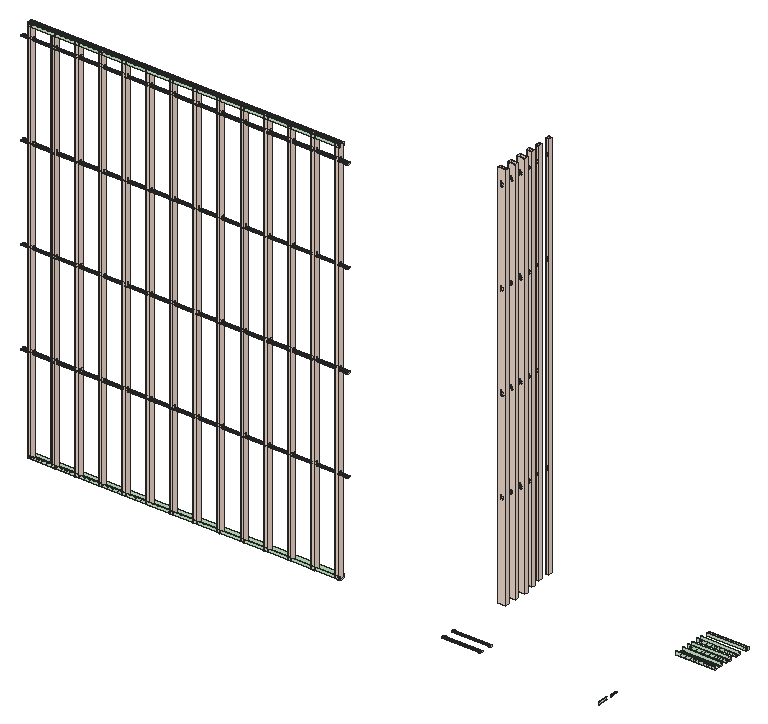
Revit family "SQ-PowerBar.", category 一般モデル, Revit 2022
Family settings
  鉄筋をホスト可能 = いいえ
  丸型コネクタ寸法 = 直径を使用
  パーツ タイプ = 標準
  作業面ベース = いいえ
  常に垂直 = はい
  ロード時にボイドで切り取り = いいえ
  注釈の向きを維持 = いいえ
  共有 = いいえ
  部屋計算ポイント = いいえ
Parameters
  製造元 = "株式会社桐井製作所"
  既定の高さ = 0 mm
  URL = "https://www.kirii.co.jp/"
  K_名称 = "SQ-PowerBar工法"
  K_バージョン情報 = "20250901"
Reference planes
  plane 1 "中心(正面/背面)": y = 0
  plane 2: z = 0
  plane 3 "中心(左/右)": x = 0
Lines and regions (mm)
  model lines
    curve 1: line (2053.885, 1766.972, 3.706) -> (3803.885, 1766.972, 3.706)
    curve 2: line (2053.885, 1766.972, 0) -> (2053.885, 442.323, 0)
    curve 3: line (3803.885, 1766.972, 0) -> (3803.885, 442.323, 0)
    curve 4: line (4103.885, 1766.972, 0) -> (4103.885, 442.323, 0)
    curve 5: line (4103.885, 442.323, 3.706) -> (5853.885, 442.323, 3.706)
    curve 6: line (5853.885, 1766.972, 0) -> (5853.885, 406.972, 0)
    curve 7: line (4103.885, 1766.972, 3.706) -> (5853.885, 1766.972, 3.706)
    curve 8: line (2053.885, 442.323, 3.706) -> (3803.885, 442.323, 3.706)
    curve 9: line (2053.885, 242.323, 3.706) -> (3803.885, 242.323, 3.706)
    curve 10: line (2053.885, 242.323, 0) -> (2053.885, -1037.677, 0)
    curve 11: line (2053.885, -1037.677, 3.706) -> (3803.885, -1037.677, 3.706)
    curve 12: line (3803.885, 242.323, 0) -> (3803.885, -1037.677, 0)
    curve 13: line (4103.885, 242.323, 3.706) -> (5853.885, 242.323, 3.706)
    curve 14: line (4103.885, 242.323, 0) -> (4103.885, -1037.677, 0)
    curve 15: line (4103.885, -1037.677, 3.706) -> (5853.885, -1037.677, 3.706)
    curve 16: line (5853.885, 242.323, 0) -> (5853.885, -1037.677, 0)
Text (mm)
  text "JIS19型" at (-1841.604, 2062.91, 5447.439), in view "ビュー 1"
  text "スタッド" at (2194.065, 1638.272, -53.41), in view "{3D}"
  text "・SQ-PowerBar4045" at (2294.392, 1425.581, -53.41), in view "{3D}"
  text "・SQ-PowerBar4565" at (2294.392, 1113.599, -53.41), in view "{3D}"
  text "・SQ-PowerBar45100(t0.45)" at (2294.392, 963.599, -53.41), in view "{3D}"
  text "・SQ-PowerBar45100(t1.0)" at (2294.392, 815.581, -53.41), in view "{3D}"
  text "・SQ-PowerBar45100(t1.2)" at (2294.392, 663.599, -53.41), in view "{3D}"
  text "ランナー" at (4244.065, 1638.272, -53.41), in view "{3D}"
  text "SQ-PowerBar工法" at (-2610.049, 1856.504, -53.41), in view "{3D}"
  text "・45ランナー" at (4344.392, 1433.41, -53.41), in view "{3D}"
  text "・50ランナー" at (4344.392, 1281.428, -53.41), in view "{3D}"
  text "・65ランナー" at (4344.392, 1131.428, -53.41), in view "{3D}"
  text "・100ランナー" at (4344.392, 981.428, -53.41), in view "{3D}"
  text "振れ止め" at (2194.065, 113.623, -53.41), in view "{3D}"
  text "・SQチャンネル(C-19)" at (2294.392, -99.068, -53.41), in view "{3D}"
  text "・SQチャンネル(C-38)" at (2294.392, -251.05, -53.41), in view "{3D}"
  text "その他SQ関連部材" at (4244.065, 113.623, -53.41), in view "{3D}"
  text "・SQ-C19ジョイント" at (4344.392, -99.068, -53.41), in view "{3D}"
  text "・SQ-C38ジョイント" at (4344.392, -249.068, -53.41), in view "{3D}"
  text "振れ止めの設置により壁下地材の一体性を向上させた角型鋼製下地工法です。" at (-2610.049, 1706.504, -53.41), in view "{3D}"
  text "・SQ-PowerBar4050" at (2294.392, 1265.581, -53.41), in view "{3D}"
Dimensions and locks
  aligned and locked: level to plane 2
Nested families
  nested 1: "runner_wr65" at (-2546.115, 0, 0), type "runner_wr65"
    with K_長さ(mm) 4000 mm, K_JIS外 no, K_JIS yes
  nested 2: "SQ-PowerBar4050" at (2998.822, 1223.972, 0), type "SQ-PowerBar4050"
    with 振れ止め本数 4, K_長さ(mm) 5000 mm
  nested 3: "SQ-PowerBar4565" at (3012.041, 1076.599, 0), type "SQ-PowerBar4565"
    with 振れ止め本数 4, K_長さ(mm) 5000 mm
  nested 4: "SQ-PowerBar45100(t0.45) " at (3029.01, 924.153, 0), type "SQ-PowerBar45100(t0.45) "
    with 振れ止め本数 4, K_長さ(mm) 5000 mm
  nested 5: "SQ-PowerBar45100(t1.0)" at (3029.01, 774.46, 0), type "SQ-PowerBar45100(t1.0)"
    with 振れ止め本数 4, K_長さ(mm) 5000 mm
  nested 6: "SQ-PowerBar45100(t1.2)" at (3029.01, 624.285, 0), type "SQ-PowerBar45100(t1.2)"
    with 振れ止め本数 4, K_長さ(mm) 5000 mm
  nested 7: "runner_wr50" at (5032.945, 1250.166, 0), type "runner_wr50"
    with K_長さ(mm) 500 mm, K_JIS外 no, K_JIS yes
  nested 8: "runner_wr65" at (5032.945, 1100.166, 0), type "runner_wr65"
    with K_長さ(mm) 500 mm, K_JIS外 no, K_JIS yes
  nested 9: "runner_wr100" at (5032.945, 936.666, 0), type "runner_wr100"
    with K_長さ(mm) 500 mm, K_JIS外 no, K_JIS yes
  nested 10: "sqrunner_45" at (5032.945, 1394.801, 0), type "sqrunner_45"
    with K_長さ(mm) 500 mm
  nested 11: "SQ-C19ジョイント" at (5053.885, -137.677, 0), type "SQ-C19ジョイント"
  nested 12: "SQチャンネル（C-19）" at (3488.885, -142.677, 0) x (0, 1, 0) z (0, 0, 1), type "SQチャンネル（C-19）"
    with K_長さ(mm) 500 mm
  nested 13: "SQチャンネル（C-38）" at (3488.885, -293.927, 0) x (0, 1, 0) z (0, 0, 1), type "SQチャンネル（C-38）"
    with K_長さ(mm) 500 mm
  nested 14: "SQ-C38ジョイント" at (5053.885, -312.677, 0), type "SQ-C38ジョイント"
  nested 15: "runner_wr65" at (-2546.115, -0.01, 5001.425) x (1, 0, 0) z (0, 0, -1), type "runner_wr65"
    with K_長さ(mm) 4000 mm, K_JIS外 no, K_JIS yes
  nested 16: "SQ-PowerBar4565" at (-2523.615, -0.113, 0) x (0, -1, 0) z (0, 0, 1), type "SQ-PowerBar4565"
    with 振れ止め本数 4, K_長さ(mm) 5000 mm
  nested 17: "SQ-PowerBar4565" at (-2220.615, -0.113, 0) x (0, -1, 0) z (0, 0, 1), type "SQ-PowerBar4565"
    with 振れ止め本数 4, K_長さ(mm) 5000 mm
  nested 18: "SQ-PowerBar4565" at (-1917.615, -0.113, 0) x (0, -1, 0) z (0, 0, 1), type "SQ-PowerBar4565"
    with 振れ止め本数 4, K_長さ(mm) 5000 mm
  nested 19: "SQ-PowerBar4565" at (-1614.615, -0.113, 0) x (0, -1, 0) z (0, 0, 1), type "SQ-PowerBar4565"
    with 振れ止め本数 4, K_長さ(mm) 5000 mm
  nested 20: "SQ-PowerBar4565" at (-1311.615, -0.113, 0) x (0, -1, 0) z (0, 0, 1), type "SQ-PowerBar4565"
    with 振れ止め本数 4, K_長さ(mm) 5000 mm
  nested 21: "SQ-PowerBar4565" at (-1008.615, -0.113, 0) x (0, -1, 0) z (0, 0, 1), type "SQ-PowerBar4565"
    with 振れ止め本数 4, K_長さ(mm) 5000 mm
  nested 22: "SQ-PowerBar4565" at (-705.615, -0.113, 0) x (0, -1, 0) z (0, 0, 1), type "SQ-PowerBar4565"
    with 振れ止め本数 4, K_長さ(mm) 5000 mm
  nested 23: "SQ-PowerBar4565" at (-402.615, -0.113, 0) x (0, -1, 0) z (0, 0, 1), type "SQ-PowerBar4565"
    with 振れ止め本数 4, K_長さ(mm) 5000 mm
  nested 24: "SQ-PowerBar4565" at (-99.615, -0.113, 0) x (0, -1, 0) z (0, 0, 1), type "SQ-PowerBar4565"
    with 振れ止め本数 4, K_長さ(mm) 5000 mm
  nested 25: "SQ-PowerBar4565" at (203.385, -0.113, 0) x (0, -1, 0) z (0, 0, 1), type "SQ-PowerBar4565"
    with 振れ止め本数 4, K_長さ(mm) 5000 mm
  nested 26: "SQ-PowerBar4565" at (506.385, -0.113, 0) x (0, -1, 0) z (0, 0, 1), type "SQ-PowerBar4565"
    with 振れ止め本数 4, K_長さ(mm) 5000 mm
  nested 27: "SQ-PowerBar4565" at (809.385, -0.113, 0) x (0, -1, 0) z (0, 0, 1), type "SQ-PowerBar4565"
    with 振れ止め本数 4, K_長さ(mm) 5000 mm
  nested 28: "SQ-PowerBar4565" at (1112.385, -0.113, 0) x (0, -1, 0) z (0, 0, 1), type "SQ-PowerBar4565"
    with 振れ止め本数 4, K_長さ(mm) 5000 mm
  nested 29: "SQ-PowerBar4565" at (1415.385, -0.113, 0) x (0, -1, 0) z (0, 0, 1), type "SQ-PowerBar4565"
    with 振れ止め本数 4, K_長さ(mm) 5000 mm
  nested 30: "SQチャンネル（C-38）" at (1548.902, -0.109, 1212) x (0, -1, 0) z (0, 0, -1), type "SQチャンネル（C-38）"
    with K_長さ(mm) 4200 mm
  nested 31: "SQチャンネル（C-38）" at (1548.902, -0.109, 2412) x (0, -1, 0) z (0, 0, -1), type "SQチャンネル（C-38）"
    with K_長さ(mm) 4200 mm
  nested 32: "SQチャンネル（C-38）" at (1548.902, -0.109, 3612) x (0, -1, 0) z (0, 0, -1), type "SQチャンネル（C-38）"
    with K_長さ(mm) 4200 mm
  nested 33: "SQチャンネル（C-38）" at (1548.902, -0.109, 4812) x (0, -1, 0) z (0, 0, -1), type "SQチャンネル（C-38）"
    with K_長さ(mm) 4200 mm
  nested 34: "SQ-PowerBar4045" at (2998.822, 1388.962, 0), type "SQ-PowerBar4045"
    with 振れ止め本数 4, K_長さ(mm) 5000 mm
Definition of nested family "runner_wr65"
  Parameters (values of type "runner_wr65")
    Manufacturer = "株式会社桐井製作所"
    Default Elevation = 0 mm
    URL = "https://www.kirii.co.jp/"
    K_長さ(mm) [instance] = 4000 mm
    K_材質 = "SGCCまたはSGHC　一般用"
    K_断面積A(mm2) = 115.5
    K_断面係数Zy(mm3) = 2624
    K_断面係数Zx(mm3) = 678.4
    K_断面2次半径iy(mm) = 27.6
    K_断面2次半径ix(mm) = 13
    K_断面2次モーメントIy(mm4) = 87930
    K_断面2次モーメントIx(mm4) = 19500
    K_外形寸法(mm) = "67×40×0.8"
    K_品名 = "WR-65"
    K_名称 = "ランナー"
    K_単位質量(kg/m) = 0.933
    K_ヤング係数E(N/mm2) = 205000
    K_バージョン情報 = "20210524"
    K_めっき付着量 = "Z12"
    K_JIS規格 = "JIS G 3302"
    K_JIS外 [instance] = not(K_JIS)  # no
    K_JIS [instance] = yes
  Reference planes
    plane 1 "中心(正面/背面)": y = 0
    plane 2: z = 0
    plane 3 "中心(左/右)": x = 0
    plane 4: x = 4000
    plane 5: y = -33.5
    plane 6: y = 33.5
    plane 7: y = 33.5
    plane 8: y = -33.5
    plane 9: z = 40
  Forms (mm)
    Extrusion 1, solid
      sketch origin (0, 0, 0) x (0, 1, 0) y (0, 0, 1)
        loop
          line (13.491, 0) -> (14.31, 0.819) -> (22.71, 0.819) -> (23.529, 0) -> (33.5, 0) -> (33.5, 40) -> (32.7, 40) -> (32.7, 0.8) -> (23.86, 0.8) -> (23.041, 1.619) -> (13.979, 1.619) -> (13.159, 0.8) -> (-13.179, 0.8) -> (-13.979, 1.6) -> (-23.041, 1.6) -> (-23.841, 0.8) -> (-32.7, 0.8) -> (-32.7, 40) -> (-33.5, 40) -> (-33.5, 0) -> (-23.51, 0) -> (-22.71, 0.8) -> (-14.31, 0.8) -> (-13.51, 0) -> (13.491, 0)
      from 0 to 4000
  Dimensions and locks
    "K_長さ(mm)": plane 3 "中心(左/右)" to plane 4
    aligned and locked: level to plane 2
    aligned and locked: plane 4 to Extrusion 1
    aligned and locked: Extrusion 1 sketch curve to plane 6
    aligned and locked: plane 5 to Extrusion 1 sketch curve
    aligned and locked: Extrusion 1 to plane 4
  Automatic sketch dimensions
    Extrusion 1 sketch curve to level = 0 mm  (x3)
    Extrusion 1 sketch curve to Extrusion 1 sketch curve = 0.8 mm  (x5)
    level to Extrusion 1 sketch curve = 0.8 mm  (x4)
    Extrusion 1 sketch curve to Extrusion 1 sketch curve = 8.859 mm
    Extrusion 1 sketch curve to Extrusion 1 sketch curve = 0.331 mm  (x8)
    Extrusion 1 sketch curve to Extrusion 1 sketch curve = 8.4 mm  (x2)
    level to Extrusion 1 sketch curve = 1.6 mm
    Extrusion 1 sketch curve to plane 1 "中心(正面/背面)" = 13.159 mm
    Extrusion 1 sketch curve to Extrusion 1 sketch curve = 0.819 mm  (x2)
    level to Extrusion 1 sketch curve = 0.819 mm
    Extrusion 1 sketch curve to Extrusion 1 sketch curve = 39.2 mm  (x2)
Definition of nested family "SQ-PowerBar4050"
  Parameters (values of type "SQ-PowerBar4050")
    Manufacturer = "株式会社桐井製作所"
    Default Elevation = 0 mm
    振れ止め本数 [instance] = roundup(([K_長さ(mm)] - 1200 mm) * 1 / 振れ止めピッチ) * 1  # 4
    振れ止めピッチ = 1200 mm  # constant formula
    URL = "https://www.kirii.co.jp/"
    K_長さ(mm) [instance] = 5000 mm
    K_外形寸法(mm) = "40×50×0.45"
    K_品名 = "SQ-PowerBar4050"
    K_名称 = "スタッド"
    K_バージョン情報 = "20210714"
  Reference planes
    plane 1 "中心(正面/背面)": y = 0
    plane 2: z = 0
    plane 3 "中心(左/右)": x = 0
    plane 4: x = 20
    plane 5: x = -20
    plane 6: y = 24.99
    plane 7: z = 5000
    plane 8: y = -25.01
    plane 9: z = 1200
  Forms (mm)
    Extrusion 1, solid
      sketch origin (0.5, -20, 0) x (1, 0, 0) y (0, 1, 0)
        loop
          line (-20.5, 44.99) -> (-20.5, -5.01) -> (19.5, -5.01) -> (19.5, 44.99) -> (-20.5, 44.99)
        loop
          line (-20.05, 44.54) -> (-20.05, -4.56) -> (19.05, -4.56) -> (19.05, 44.54) -> (-20.05, 44.54)
      from 0 to 5000
    Extrusion 2, void
      sketch origin (0, 0, -2.498) x (1, 0, 0) y (0, 0, 1)
        loop
          line (9.5, 1214.5) -> (10.689, 1225.606)
          arc (10.689, 1225.606) -> (9.707, 1231.368) -> (5.855, 1235.765) r 10.75
          arc (5.855, 1235.765) -> (5.521, 1236.127) -> (5.4, 1236.604) r 1
          line (5.4, 1236.604) -> (5.4, 1238.5)
          arc (5.4, 1238.5) -> (5.107, 1239.207) -> (4.4, 1239.5) r 1
          line (4.4, 1239.5) -> (-4.4, 1239.5)
          arc (-4.4, 1239.5) -> (-5.107, 1239.207) -> (-5.4, 1238.5) r 1
          line (-5.4, 1238.5) -> (-5.4, 1236.604)
          arc (-5.4, 1236.604) -> (-5.521, 1236.127) -> (-5.855, 1235.765) r 1
          arc (-5.855, 1235.765) -> (-9.707, 1231.368) -> (-10.689, 1225.606) r 10.75
          line (-10.689, 1225.606) -> (-9.5, 1214.5) -> (-9.5, 1211.956) -> (-8.421, 1209.153)
          arc (-8.421, 1209.153) -> (-8.3, 1208.52) -> (-8.407, 1207.885) r 1.817
          line (-8.407, 1207.885) -> (-9.501, 1204.847) -> (-9.501, 1203.499)
          arc (-9.501, 1203.499) -> (-9.208, 1202.791) -> (-8.5, 1202.498) r 1.001
          line (-8.5, 1202.498) -> (-6.417, 1202.498)
          arc (-6.417, 1202.498) -> (-5.841, 1202.309) -> (-5.486, 1201.818) r 0.978
          line (-5.486, 1201.818) -> (-5.359, 1201.002)
          arc (-5.359, 1201.002) -> (-5.072, 1200.31) -> (-4.379, 1200.023) r 0.979
          line (-4.379, 1200.023) -> (4.379, 1200.023)
          arc (4.379, 1200.023) -> (5.072, 1200.31) -> (5.359, 1201.002) r 0.979
          line (5.359, 1201.002) -> (5.486, 1201.818)
          arc (5.486, 1201.818) -> (5.841, 1202.309) -> (6.417, 1202.498) r 0.978
          line (6.417, 1202.498) -> (8.5, 1202.5)
          arc (8.5, 1202.5) -> (9.207, 1202.793) -> (9.5, 1203.5) r 1
          line (9.5, 1203.5) -> (9.5, 1204.849) -> (8.407, 1207.885)
          arc (8.407, 1207.885) -> (8.3, 1208.52) -> (8.421, 1209.153) r 1.817
          line (8.421, 1209.153) -> (9.5, 1211.956) -> (9.5, 1214.5)
      from -24.99 to -23.622
    Extrusion 3, void
      sketch origin (0, 0, 0) x (1, 0, 0) y (0, 0, 1)
        loop
          line (-4.774, 1234.724) -> (-4.8, 1233.869)
          arc (-4.8, 1233.869) -> (-9.43, 1229.41) -> (-10.689, 1223.106) r 10.75
          line (-10.689, 1223.106) -> (-9.5, 1212.003) -> (-9.5, 1209.457) -> (-9.5, 1200.952)
          arc (-9.5, 1200.952) -> (-9.19, 1200.276) -> (-8.5, 1200) r 1.001
          line (-8.5, 1200) -> (-4.8, 1200)
          arc (-4.8, 1200) -> (-4.507, 1199.293) -> (-3.8, 1199) r 1
          line (-3.8, 1199) -> (3.8, 1199)
          arc (3.8, 1199) -> (4.507, 1199.293) -> (4.8, 1200) r 1
          line (4.8, 1200) -> (8.5, 1200.002)
          arc (8.5, 1200.002) -> (9.207, 1200.295) -> (9.5, 1201) r 1
          line (9.5, 1201) -> (9.5, 1210) -> (9.5, 1212) -> (10.689, 1223.106)
          arc (10.689, 1223.106) -> (9.431, 1229.41) -> (4.8, 1233.869) r 10.75
          line (4.8, 1233.869) -> (4.774, 1234.724)
          arc (4.774, 1234.724) -> (4.423, 1235.282) -> (3.8, 1235.5) r 1
          line (3.8, 1235.5) -> (-3.8, 1235.5)
          arc (-3.8, 1235.5) -> (-4.423, 1235.282) -> (-4.774, 1234.724) r 1
      from 23.953 to 25.01
    Extrusion 4, void
      sketch origin (0, 0, 1200) x (1, 0, 0) y (0, 0, 1)
        loop
          line (-4.774, 1234.724) -> (-4.8, 1233.869)
          arc (-4.8, 1233.869) -> (-9.43, 1229.41) -> (-10.689, 1223.106) r 10.75
          line (-10.689, 1223.106) -> (-9.5, 1212.003) -> (-9.5, 1209.457) -> (-9.5, 1200.952)
          arc (-9.5, 1200.952) -> (-9.19, 1200.276) -> (-8.5, 1200) r 1.001
          line (-8.5, 1200) -> (-4.8, 1200)
          arc (-4.8, 1200) -> (-4.507, 1199.293) -> (-3.8, 1199) r 1
          line (-3.8, 1199) -> (3.8, 1199)
          arc (3.8, 1199) -> (4.507, 1199.293) -> (4.8, 1200) r 1
          line (4.8, 1200) -> (8.5, 1200.002)
          arc (8.5, 1200.002) -> (9.207, 1200.295) -> (9.5, 1201) r 1
          line (9.5, 1201) -> (9.5, 1210) -> (9.5, 1212) -> (10.689, 1223.106)
          arc (10.689, 1223.106) -> (9.431, 1229.41) -> (4.8, 1233.869) r 10.75
          line (4.8, 1233.869) -> (4.774, 1234.724)
          arc (4.774, 1234.724) -> (4.423, 1235.282) -> (3.8, 1235.5) r 1
          line (3.8, 1235.5) -> (-3.8, 1235.5)
          arc (-3.8, 1235.5) -> (-4.423, 1235.282) -> (-4.774, 1234.724) r 1
      from 23.953 to 25.01
    Extrusion 5, void
      sketch origin (0, 0, 2400) x (1, 0, 0) y (0, 0, 1)
        loop
          line (-4.774, 1234.724) -> (-4.8, 1233.869)
          arc (-4.8, 1233.869) -> (-9.43, 1229.41) -> (-10.689, 1223.106) r 10.75
          line (-10.689, 1223.106) -> (-9.5, 1212.003) -> (-9.5, 1209.457) -> (-9.5, 1200.952)
          arc (-9.5, 1200.952) -> (-9.19, 1200.276) -> (-8.5, 1200) r 1.001
          line (-8.5, 1200) -> (-4.8, 1200)
          arc (-4.8, 1200) -> (-4.507, 1199.293) -> (-3.8, 1199) r 1
          line (-3.8, 1199) -> (3.8, 1199)
          arc (3.8, 1199) -> (4.507, 1199.293) -> (4.8, 1200) r 1
          line (4.8, 1200) -> (8.5, 1200.002)
          arc (8.5, 1200.002) -> (9.207, 1200.295) -> (9.5, 1201) r 1
          line (9.5, 1201) -> (9.5, 1210) -> (9.5, 1212) -> (10.689, 1223.106)
          arc (10.689, 1223.106) -> (9.431, 1229.41) -> (4.8, 1233.869) r 10.75
          line (4.8, 1233.869) -> (4.774, 1234.724)
          arc (4.774, 1234.724) -> (4.423, 1235.282) -> (3.8, 1235.5) r 1
          line (3.8, 1235.5) -> (-3.8, 1235.5)
          arc (-3.8, 1235.5) -> (-4.423, 1235.282) -> (-4.774, 1234.724) r 1
      from 23.953 to 25.01
    Extrusion 6, void
      sketch origin (0, 0, 3600) x (1, 0, 0) y (0, 0, 1)
        loop
          line (-4.774, 1234.724) -> (-4.8, 1233.869)
          arc (-4.8, 1233.869) -> (-9.43, 1229.41) -> (-10.689, 1223.106) r 10.75
          line (-10.689, 1223.106) -> (-9.5, 1212.003) -> (-9.5, 1209.457) -> (-9.5, 1200.952)
          arc (-9.5, 1200.952) -> (-9.19, 1200.276) -> (-8.5, 1200) r 1.001
          line (-8.5, 1200) -> (-4.8, 1200)
          arc (-4.8, 1200) -> (-4.507, 1199.293) -> (-3.8, 1199) r 1
          line (-3.8, 1199) -> (3.8, 1199)
          arc (3.8, 1199) -> (4.507, 1199.293) -> (4.8, 1200) r 1
          line (4.8, 1200) -> (8.5, 1200.002)
          arc (8.5, 1200.002) -> (9.207, 1200.295) -> (9.5, 1201) r 1
          line (9.5, 1201) -> (9.5, 1210) -> (9.5, 1212) -> (10.689, 1223.106)
          arc (10.689, 1223.106) -> (9.431, 1229.41) -> (4.8, 1233.869) r 10.75
          line (4.8, 1233.869) -> (4.774, 1234.724)
          arc (4.774, 1234.724) -> (4.423, 1235.282) -> (3.8, 1235.5) r 1
          line (3.8, 1235.5) -> (-3.8, 1235.5)
          arc (-3.8, 1235.5) -> (-4.423, 1235.282) -> (-4.774, 1234.724) r 1
      from 23.953 to 25.01
    Extrusion 7, void
      sketch origin (0, 0, 1197.502) x (1, 0, 0) y (0, 0, 1)
        loop
          line (9.5, 1214.5) -> (10.689, 1225.606)
          arc (10.689, 1225.606) -> (9.707, 1231.368) -> (5.855, 1235.765) r 10.75
          arc (5.855, 1235.765) -> (5.521, 1236.127) -> (5.4, 1236.604) r 1
          line (5.4, 1236.604) -> (5.4, 1238.5)
          arc (5.4, 1238.5) -> (5.107, 1239.207) -> (4.4, 1239.5) r 1
          line (4.4, 1239.5) -> (-4.4, 1239.5)
          arc (-4.4, 1239.5) -> (-5.107, 1239.207) -> (-5.4, 1238.5) r 1
          line (-5.4, 1238.5) -> (-5.4, 1236.604)
          arc (-5.4, 1236.604) -> (-5.521, 1236.127) -> (-5.855, 1235.765) r 1
          arc (-5.855, 1235.765) -> (-9.707, 1231.368) -> (-10.689, 1225.606) r 10.75
          line (-10.689, 1225.606) -> (-9.5, 1214.5) -> (-9.5, 1211.956) -> (-8.421, 1209.153)
          arc (-8.421, 1209.153) -> (-8.3, 1208.52) -> (-8.407, 1207.885) r 1.817
          line (-8.407, 1207.885) -> (-9.501, 1204.847) -> (-9.501, 1203.499)
          arc (-9.501, 1203.499) -> (-9.208, 1202.791) -> (-8.5, 1202.498) r 1.001
          line (-8.5, 1202.498) -> (-6.417, 1202.498)
          arc (-6.417, 1202.498) -> (-5.841, 1202.309) -> (-5.486, 1201.818) r 0.978
          line (-5.486, 1201.818) -> (-5.359, 1201.002)
          arc (-5.359, 1201.002) -> (-5.072, 1200.31) -> (-4.379, 1200.023) r 0.979
          line (-4.379, 1200.023) -> (4.379, 1200.023)
          arc (4.379, 1200.023) -> (5.072, 1200.31) -> (5.359, 1201.002) r 0.979
          line (5.359, 1201.002) -> (5.486, 1201.818)
          arc (5.486, 1201.818) -> (5.841, 1202.309) -> (6.417, 1202.498) r 0.978
          line (6.417, 1202.498) -> (8.5, 1202.5)
          arc (8.5, 1202.5) -> (9.207, 1202.793) -> (9.5, 1203.5) r 1
          line (9.5, 1203.5) -> (9.5, 1204.849) -> (8.407, 1207.885)
          arc (8.407, 1207.885) -> (8.3, 1208.52) -> (8.421, 1209.153) r 1.817
          line (8.421, 1209.153) -> (9.5, 1211.956) -> (9.5, 1214.5)
      from -24.99 to -23.622
    Extrusion 8, void
      sketch origin (0, 0, 2397.502) x (1, 0, 0) y (0, 0, 1)
        loop
          line (9.5, 1214.5) -> (10.689, 1225.606)
          arc (10.689, 1225.606) -> (9.707, 1231.368) -> (5.855, 1235.765) r 10.75
          arc (5.855, 1235.765) -> (5.521, 1236.127) -> (5.4, 1236.604) r 1
          line (5.4, 1236.604) -> (5.4, 1238.5)
          arc (5.4, 1238.5) -> (5.107, 1239.207) -> (4.4, 1239.5) r 1
          line (4.4, 1239.5) -> (-4.4, 1239.5)
          arc (-4.4, 1239.5) -> (-5.107, 1239.207) -> (-5.4, 1238.5) r 1
          line (-5.4, 1238.5) -> (-5.4, 1236.604)
          arc (-5.4, 1236.604) -> (-5.521, 1236.127) -> (-5.855, 1235.765) r 1
          arc (-5.855, 1235.765) -> (-9.707, 1231.368) -> (-10.689, 1225.606) r 10.75
          line (-10.689, 1225.606) -> (-9.5, 1214.5) -> (-9.5, 1211.956) -> (-8.421, 1209.153)
          arc (-8.421, 1209.153) -> (-8.3, 1208.52) -> (-8.407, 1207.885) r 1.817
          line (-8.407, 1207.885) -> (-9.501, 1204.847) -> (-9.501, 1203.499)
          arc (-9.501, 1203.499) -> (-9.208, 1202.791) -> (-8.5, 1202.498) r 1.001
          line (-8.5, 1202.498) -> (-6.417, 1202.498)
          arc (-6.417, 1202.498) -> (-5.841, 1202.309) -> (-5.486, 1201.818) r 0.978
          line (-5.486, 1201.818) -> (-5.359, 1201.002)
          arc (-5.359, 1201.002) -> (-5.072, 1200.31) -> (-4.379, 1200.023) r 0.979
          line (-4.379, 1200.023) -> (4.379, 1200.023)
          arc (4.379, 1200.023) -> (5.072, 1200.31) -> (5.359, 1201.002) r 0.979
          line (5.359, 1201.002) -> (5.486, 1201.818)
          arc (5.486, 1201.818) -> (5.841, 1202.309) -> (6.417, 1202.498) r 0.978
          line (6.417, 1202.498) -> (8.5, 1202.5)
          arc (8.5, 1202.5) -> (9.207, 1202.793) -> (9.5, 1203.5) r 1
          line (9.5, 1203.5) -> (9.5, 1204.849) -> (8.407, 1207.885)
          arc (8.407, 1207.885) -> (8.3, 1208.52) -> (8.421, 1209.153) r 1.817
          line (8.421, 1209.153) -> (9.5, 1211.956) -> (9.5, 1214.5)
      from -24.99 to -23.622
    Extrusion 9, void
      sketch origin (0, 0, 3597.502) x (1, 0, 0) y (0, 0, 1)
        loop
          line (9.5, 1214.5) -> (10.689, 1225.606)
          arc (10.689, 1225.606) -> (9.707, 1231.368) -> (5.855, 1235.765) r 10.75
          arc (5.855, 1235.765) -> (5.521, 1236.127) -> (5.4, 1236.604) r 1
          line (5.4, 1236.604) -> (5.4, 1238.5)
          arc (5.4, 1238.5) -> (5.107, 1239.207) -> (4.4, 1239.5) r 1
          line (4.4, 1239.5) -> (-4.4, 1239.5)
          arc (-4.4, 1239.5) -> (-5.107, 1239.207) -> (-5.4, 1238.5) r 1
          line (-5.4, 1238.5) -> (-5.4, 1236.604)
          arc (-5.4, 1236.604) -> (-5.521, 1236.127) -> (-5.855, 1235.765) r 1
          arc (-5.855, 1235.765) -> (-9.707, 1231.368) -> (-10.689, 1225.606) r 10.75
          line (-10.689, 1225.606) -> (-9.5, 1214.5) -> (-9.5, 1211.956) -> (-8.421, 1209.153)
          arc (-8.421, 1209.153) -> (-8.3, 1208.52) -> (-8.407, 1207.885) r 1.817
          line (-8.407, 1207.885) -> (-9.501, 1204.847) -> (-9.501, 1203.499)
          arc (-9.501, 1203.499) -> (-9.208, 1202.791) -> (-8.5, 1202.498) r 1.001
          line (-8.5, 1202.498) -> (-6.417, 1202.498)
          arc (-6.417, 1202.498) -> (-5.841, 1202.309) -> (-5.486, 1201.818) r 0.978
          line (-5.486, 1201.818) -> (-5.359, 1201.002)
          arc (-5.359, 1201.002) -> (-5.072, 1200.31) -> (-4.379, 1200.023) r 0.979
          line (-4.379, 1200.023) -> (4.379, 1200.023)
          arc (4.379, 1200.023) -> (5.072, 1200.31) -> (5.359, 1201.002) r 0.979
          line (5.359, 1201.002) -> (5.486, 1201.818)
          arc (5.486, 1201.818) -> (5.841, 1202.309) -> (6.417, 1202.498) r 0.978
          line (6.417, 1202.498) -> (8.5, 1202.5)
          arc (8.5, 1202.5) -> (9.207, 1202.793) -> (9.5, 1203.5) r 1
          line (9.5, 1203.5) -> (9.5, 1204.849) -> (8.407, 1207.885)
          arc (8.407, 1207.885) -> (8.3, 1208.52) -> (8.421, 1209.153) r 1.817
          line (8.421, 1209.153) -> (9.5, 1211.956) -> (9.5, 1214.5)
      from -24.99 to -23.622
  Cuts and joins
    Extrusion 2, Extrusion 3, Extrusion 4, Extrusion 5, Extrusion 6, Extrusion 7, Extrusion 8, Extrusion 9 cuts Extrusion 1
  Dimensions and locks
    "K_長さ(mm)": plane 7 to level
    equal spacing: group 1, group 2, group 3, group 4  (x3)
    "振れ止めピッチ": plane 2 to plane 9
    equal spacing: group 5, group 6, group 7, group 8  (x3)
    aligned and locked: level to plane 2
    aligned and locked: plane 7 to Extrusion 1
    aligned and locked: plane 9 to cut or joined group 1 (Extrusion 1, Extrusion 2, Extrusion 3, Extrusion 4, Extrusion 5, Extrusion 6, Extrusion 7, Extrusion 8, Extrusion 9)
    aligned and locked: cut or joined group 1 to plane 9
  Automatic sketch dimensions
    Extrusion 2 sketch curve to Extrusion 2 sketch curve = 1.188 mm
    Extrusion 2 sketch curve to Extrusion 2 sketch curve = 0.001 mm
    Extrusion 2 sketch curve to Extrusion 2 sketch curve = 1.001 mm
    Extrusion 2 sketch curve to Extrusion 2 sketch curve = 2.082 mm
    Extrusion 2 sketch curve to Extrusion 2 sketch curve = 4.289 mm
    Extrusion 2 sketch curve to Extrusion 2 sketch curve = 0.931 mm  (x2)
    Extrusion 2 sketch curve to Extrusion 2 sketch curve = 1 mm  (x6)
    Extrusion 2 sketch curve to Extrusion 2 sketch curve = 0.127 mm  (x2)
    Extrusion 2 sketch curve to Extrusion 2 sketch curve = 0.979 mm
    Extrusion 2 sketch curve to Extrusion 2 sketch curve = 10.689 mm  (x2)
    Extrusion 2 sketch curve to Extrusion 2 sketch curve = 8.759 mm
    Extrusion 2 sketch curve to Extrusion 2 sketch curve = 8.8 mm
    Extrusion 2 sketch curve to Extrusion 2 sketch curve = 2.083 mm
    Extrusion 2 sketch curve to Extrusion 2 sketch curve = 0 mm  (x5)
    Extrusion 2 sketch curve to Extrusion 2 sketch curve = 0.518 mm  (x2)
    Extrusion 2 sketch curve to Extrusion 2 sketch curve = 0.816 mm  (x2)
    Extrusion 2 sketch curve to Extrusion 2 sketch curve = 0.002 mm
    Extrusion 2 sketch curve to Extrusion 2 sketch curve = 8.457 mm
    Extrusion 2 sketch curve to Extrusion 2 sketch curve = 8.456 mm
    Extrusion 2 sketch curve to Extrusion 2 sketch curve = 2.544 mm  (x2)
    Extrusion 2 sketch curve to Extrusion 2 sketch curve = 11.106 mm  (x2)
    Extrusion 2 sketch curve to Extrusion 2 sketch curve = 1.144 mm
    Extrusion 2 sketch curve to Extrusion 2 sketch curve = 9.854 mm  (x2)
    Extrusion 2 sketch curve to Extrusion 2 sketch curve = 1.896 mm
    Extrusion 2 sketch curve to Extrusion 2 sketch curve = 1.079 mm
    Extrusion 2 sketch curve to Extrusion 2 sketch curve = 0.014 mm  (x2)
    Extrusion 2 sketch curve to Extrusion 2 sketch curve = 0.017 mm
    Extrusion 2 sketch curve to Extrusion 2 sketch curve = 1.093 mm
    Extrusion 2 sketch curve to Extrusion 2 sketch curve = 1.348 mm
    Extrusion 2 sketch curve to Extrusion 2 sketch curve = 1.349 mm
    Extrusion 2 sketch curve to Extrusion 2 sketch curve = 3.036 mm
    Extrusion 2 sketch curve to Extrusion 2 sketch curve = 3.038 mm
    Extrusion 2 sketch curve to Extrusion 2 sketch curve = 1.268 mm  (x2)
    Extrusion 2 sketch curve to Extrusion 2 sketch curve = 1.695 mm
    Extrusion 2 sketch curve to Extrusion 2 sketch curve = 1.709 mm
    Extrusion 3 sketch curve to Extrusion 3 sketch curve = 0 mm  (x7)
    Extrusion 3 sketch curve to Extrusion 3 sketch curve = 1 mm  (x4)
    Extrusion 3 sketch curve to Extrusion 3 sketch curve = 3.7 mm  (x2)
    Extrusion 3 sketch curve to Extrusion 3 sketch curve = 0.025 mm  (x2)
    Extrusion 3 sketch curve to Extrusion 3 sketch curve = 0.975 mm  (x2)
    Extrusion 3 sketch curve to Extrusion 3 sketch curve = 8.998 mm
    Extrusion 3 sketch curve to Extrusion 3 sketch curve = 2 mm
    Extrusion 3 sketch curve to Extrusion 3 sketch curve = 11.002 mm
    Extrusion 3 sketch curve to Extrusion 3 sketch curve = 11.102 mm
    Extrusion 3 sketch curve to Extrusion 3 sketch curve = 11.106 mm
    Extrusion 3 sketch curve to Extrusion 3 sketch curve = 1.144 mm
    Extrusion 3 sketch curve to Extrusion 3 sketch curve = 0.631 mm  (x2)
    Extrusion 3 sketch curve to Extrusion 3 sketch curve = 0.855 mm
    Extrusion 3 sketch curve to Extrusion 3 sketch curve = 0.002 mm
    Extrusion 3 sketch curve to Extrusion 3 sketch curve = 2.546 mm
    Extrusion 3 sketch curve to Extrusion 3 sketch curve = 0.001 mm
    Extrusion 3 sketch curve to Extrusion 3 sketch curve = 1.189 mm
    Extrusion 3 sketch curve to Extrusion 3 sketch curve = 5.889 mm
    Extrusion 3 sketch curve to Extrusion 3 sketch curve = 10.689 mm  (x2)
    Extrusion 3 sketch curve to Extrusion 3 sketch curve = 7.599 mm
    Extrusion 3 sketch curve to Extrusion 3 sketch curve = 7.6 mm
    Extrusion 3 sketch curve to Extrusion 3 sketch curve = 0.952 mm
    Extrusion 3 sketch curve to Extrusion 3 sketch curve = 1.002 mm
    Extrusion 4 sketch curve to Extrusion 4 sketch curve = 0 mm  (x7)
    Extrusion 4 sketch curve to Extrusion 4 sketch curve = 1 mm  (x4)
    Extrusion 4 sketch curve to Extrusion 4 sketch curve = 3.7 mm  (x2)
    Extrusion 4 sketch curve to Extrusion 4 sketch curve = 0.025 mm  (x2)
    Extrusion 4 sketch curve to Extrusion 4 sketch curve = 0.975 mm  (x2)
    Extrusion 4 sketch curve to Extrusion 4 sketch curve = 8.998 mm
    Extrusion 4 sketch curve to Extrusion 4 sketch curve = 2 mm
    Extrusion 4 sketch curve to Extrusion 4 sketch curve = 11.002 mm
    Extrusion 4 sketch curve to Extrusion 4 sketch curve = 11.102 mm
    Extrusion 4 sketch curve to Extrusion 4 sketch curve = 11.106 mm
    Extrusion 4 sketch curve to Extrusion 4 sketch curve = 1.144 mm
    Extrusion 4 sketch curve to Extrusion 4 sketch curve = 0.631 mm  (x2)
    Extrusion 4 sketch curve to Extrusion 4 sketch curve = 0.855 mm
    Extrusion 4 sketch curve to Extrusion 4 sketch curve = 0.002 mm
    Extrusion 4 sketch curve to Extrusion 4 sketch curve = 2.546 mm
    Extrusion 4 sketch curve to Extrusion 4 sketch curve = 0.001 mm
    Extrusion 4 sketch curve to Extrusion 4 sketch curve = 1.189 mm
    Extrusion 4 sketch curve to Extrusion 4 sketch curve = 5.889 mm
    Extrusion 4 sketch curve to Extrusion 4 sketch curve = 10.689 mm  (x2)
    Extrusion 4 sketch curve to Extrusion 4 sketch curve = 7.599 mm
    Extrusion 4 sketch curve to Extrusion 4 sketch curve = 7.6 mm
    Extrusion 4 sketch curve to Extrusion 4 sketch curve = 0.952 mm
    Extrusion 4 sketch curve to Extrusion 4 sketch curve = 1.002 mm
    Extrusion 5 sketch curve to Extrusion 5 sketch curve = 0 mm  (x7)
    Extrusion 5 sketch curve to Extrusion 5 sketch curve = 1 mm  (x4)
    Extrusion 5 sketch curve to Extrusion 5 sketch curve = 3.7 mm  (x2)
    Extrusion 5 sketch curve to Extrusion 5 sketch curve = 0.025 mm  (x2)
    Extrusion 5 sketch curve to Extrusion 5 sketch curve = 0.975 mm  (x2)
    Extrusion 5 sketch curve to Extrusion 5 sketch curve = 8.998 mm
    Extrusion 5 sketch curve to Extrusion 5 sketch curve = 2 mm
    Extrusion 5 sketch curve to Extrusion 5 sketch curve = 11.002 mm
    Extrusion 5 sketch curve to Extrusion 5 sketch curve = 11.102 mm
    Extrusion 5 sketch curve to Extrusion 5 sketch curve = 11.106 mm
    Extrusion 5 sketch curve to Extrusion 5 sketch curve = 1.144 mm
    Extrusion 5 sketch curve to Extrusion 5 sketch curve = 0.631 mm  (x2)
    Extrusion 5 sketch curve to Extrusion 5 sketch curve = 0.855 mm
    Extrusion 5 sketch curve to Extrusion 5 sketch curve = 0.002 mm
    Extrusion 5 sketch curve to Extrusion 5 sketch curve = 2.546 mm
    Extrusion 5 sketch curve to Extrusion 5 sketch curve = 0.001 mm
    Extrusion 5 sketch curve to Extrusion 5 sketch curve = 1.189 mm
    Extrusion 5 sketch curve to Extrusion 5 sketch curve = 5.889 mm
    Extrusion 5 sketch curve to Extrusion 5 sketch curve = 10.689 mm  (x2)
    Extrusion 5 sketch curve to Extrusion 5 sketch curve = 7.599 mm
    Extrusion 5 sketch curve to Extrusion 5 sketch curve = 7.6 mm
    Extrusion 5 sketch curve to Extrusion 5 sketch curve = 0.952 mm
    Extrusion 5 sketch curve to Extrusion 5 sketch curve = 1.002 mm
    Extrusion 6 sketch curve to Extrusion 6 sketch curve = 0 mm  (x7)
    Extrusion 6 sketch curve to Extrusion 6 sketch curve = 1 mm  (x4)
    Extrusion 6 sketch curve to Extrusion 6 sketch curve = 3.7 mm  (x2)
    Extrusion 6 sketch curve to Extrusion 6 sketch curve = 0.025 mm  (x2)
    Extrusion 6 sketch curve to Extrusion 6 sketch curve = 0.975 mm  (x2)
    Extrusion 6 sketch curve to Extrusion 6 sketch curve = 8.998 mm
    Extrusion 6 sketch curve to Extrusion 6 sketch curve = 2 mm
    Extrusion 6 sketch curve to Extrusion 6 sketch curve = 11.002 mm
    Extrusion 6 sketch curve to Extrusion 6 sketch curve = 11.102 mm
    Extrusion 6 sketch curve to Extrusion 6 sketch curve = 11.106 mm
    Extrusion 6 sketch curve to Extrusion 6 sketch curve = 1.144 mm
    Extrusion 6 sketch curve to Extrusion 6 sketch curve = 0.631 mm  (x2)
    Extrusion 6 sketch curve to Extrusion 6 sketch curve = 0.855 mm
    Extrusion 6 sketch curve to Extrusion 6 sketch curve = 0.002 mm
    Extrusion 6 sketch curve to Extrusion 6 sketch curve = 2.546 mm
    Extrusion 6 sketch curve to Extrusion 6 sketch curve = 0.001 mm
    Extrusion 6 sketch curve to Extrusion 6 sketch curve = 1.189 mm
    Extrusion 6 sketch curve to Extrusion 6 sketch curve = 5.889 mm
    Extrusion 6 sketch curve to Extrusion 6 sketch curve = 10.689 mm  (x2)
    Extrusion 6 sketch curve to Extrusion 6 sketch curve = 7.599 mm
    Extrusion 6 sketch curve to Extrusion 6 sketch curve = 7.6 mm
    Extrusion 6 sketch curve to Extrusion 6 sketch curve = 0.952 mm
    Extrusion 6 sketch curve to Extrusion 6 sketch curve = 1.002 mm
    Extrusion 7 sketch curve to Extrusion 7 sketch curve = 1.188 mm
    Extrusion 7 sketch curve to Extrusion 7 sketch curve = 0.001 mm
    Extrusion 7 sketch curve to Extrusion 7 sketch curve = 1.001 mm
    Extrusion 7 sketch curve to Extrusion 7 sketch curve = 2.082 mm
    Extrusion 7 sketch curve to Extrusion 7 sketch curve = 4.289 mm
    Extrusion 7 sketch curve to Extrusion 7 sketch curve = 0.931 mm  (x2)
    Extrusion 7 sketch curve to Extrusion 7 sketch curve = 1 mm  (x6)
    Extrusion 7 sketch curve to Extrusion 7 sketch curve = 0.127 mm  (x2)
    Extrusion 7 sketch curve to Extrusion 7 sketch curve = 0.979 mm
    Extrusion 7 sketch curve to Extrusion 7 sketch curve = 10.689 mm  (x2)
    Extrusion 7 sketch curve to Extrusion 7 sketch curve = 8.759 mm
    Extrusion 7 sketch curve to Extrusion 7 sketch curve = 8.8 mm
    Extrusion 7 sketch curve to Extrusion 7 sketch curve = 2.083 mm
    Extrusion 7 sketch curve to Extrusion 7 sketch curve = 0 mm  (x5)
    Extrusion 7 sketch curve to Extrusion 7 sketch curve = 0.518 mm  (x2)
    Extrusion 7 sketch curve to Extrusion 7 sketch curve = 0.816 mm  (x2)
    Extrusion 7 sketch curve to Extrusion 7 sketch curve = 0.002 mm
    Extrusion 7 sketch curve to Extrusion 7 sketch curve = 8.457 mm
    Extrusion 7 sketch curve to Extrusion 7 sketch curve = 8.456 mm
    Extrusion 7 sketch curve to Extrusion 7 sketch curve = 2.544 mm  (x2)
    Extrusion 7 sketch curve to Extrusion 7 sketch curve = 11.106 mm  (x2)
    Extrusion 7 sketch curve to Extrusion 7 sketch curve = 1.144 mm
    Extrusion 7 sketch curve to Extrusion 7 sketch curve = 9.854 mm  (x2)
    Extrusion 7 sketch curve to Extrusion 7 sketch curve = 1.896 mm
    Extrusion 7 sketch curve to Extrusion 7 sketch curve = 1.079 mm
    Extrusion 7 sketch curve to Extrusion 7 sketch curve = 0.014 mm  (x2)
    Extrusion 7 sketch curve to Extrusion 7 sketch curve = 0.017 mm
    Extrusion 7 sketch curve to Extrusion 7 sketch curve = 1.093 mm
    Extrusion 7 sketch curve to Extrusion 7 sketch curve = 1.348 mm
    Extrusion 7 sketch curve to Extrusion 7 sketch curve = 1.349 mm
    Extrusion 7 sketch curve to Extrusion 7 sketch curve = 3.036 mm
    Extrusion 7 sketch curve to Extrusion 7 sketch curve = 3.038 mm
    Extrusion 7 sketch curve to Extrusion 7 sketch curve = 1.268 mm  (x2)
    Extrusion 7 sketch curve to Extrusion 7 sketch curve = 1.695 mm
    Extrusion 7 sketch curve to Extrusion 7 sketch curve = 1.709 mm
    Extrusion 8 sketch curve to Extrusion 8 sketch curve = 1.188 mm
    Extrusion 8 sketch curve to Extrusion 8 sketch curve = 0.001 mm
    Extrusion 8 sketch curve to Extrusion 8 sketch curve = 1.001 mm
    Extrusion 8 sketch curve to Extrusion 8 sketch curve = 2.082 mm
    Extrusion 8 sketch curve to Extrusion 8 sketch curve = 4.289 mm
    Extrusion 8 sketch curve to Extrusion 8 sketch curve = 0.931 mm  (x2)
    Extrusion 8 sketch curve to Extrusion 8 sketch curve = 1 mm  (x6)
    Extrusion 8 sketch curve to Extrusion 8 sketch curve = 0.127 mm  (x2)
    Extrusion 8 sketch curve to Extrusion 8 sketch curve = 0.979 mm
    Extrusion 8 sketch curve to Extrusion 8 sketch curve = 10.689 mm  (x2)
    Extrusion 8 sketch curve to Extrusion 8 sketch curve = 8.759 mm
    Extrusion 8 sketch curve to Extrusion 8 sketch curve = 8.8 mm
    Extrusion 8 sketch curve to Extrusion 8 sketch curve = 2.083 mm
    Extrusion 8 sketch curve to Extrusion 8 sketch curve = 0 mm  (x5)
    Extrusion 8 sketch curve to Extrusion 8 sketch curve = 0.518 mm  (x2)
    Extrusion 8 sketch curve to Extrusion 8 sketch curve = 0.816 mm  (x2)
    Extrusion 8 sketch curve to Extrusion 8 sketch curve = 0.002 mm
    Extrusion 8 sketch curve to Extrusion 8 sketch curve = 8.457 mm
    Extrusion 8 sketch curve to Extrusion 8 sketch curve = 8.456 mm
    Extrusion 8 sketch curve to Extrusion 8 sketch curve = 2.544 mm  (x2)
    Extrusion 8 sketch curve to Extrusion 8 sketch curve = 11.106 mm  (x2)
    Extrusion 8 sketch curve to Extrusion 8 sketch curve = 1.144 mm
    Extrusion 8 sketch curve to Extrusion 8 sketch curve = 9.854 mm  (x2)
    Extrusion 8 sketch curve to Extrusion 8 sketch curve = 1.896 mm
    Extrusion 8 sketch curve to Extrusion 8 sketch curve = 1.079 mm
    Extrusion 8 sketch curve to Extrusion 8 sketch curve = 0.014 mm  (x2)
    Extrusion 8 sketch curve to Extrusion 8 sketch curve = 0.017 mm
    Extrusion 8 sketch curve to Extrusion 8 sketch curve = 1.093 mm
    Extrusion 8 sketch curve to Extrusion 8 sketch curve = 1.348 mm
    Extrusion 8 sketch curve to Extrusion 8 sketch curve = 1.349 mm
    Extrusion 8 sketch curve to Extrusion 8 sketch curve = 3.036 mm
    Extrusion 8 sketch curve to Extrusion 8 sketch curve = 3.038 mm
    Extrusion 8 sketch curve to Extrusion 8 sketch curve = 1.268 mm  (x2)
    Extrusion 8 sketch curve to Extrusion 8 sketch curve = 1.695 mm
    Extrusion 8 sketch curve to Extrusion 8 sketch curve = 1.709 mm
    Extrusion 9 sketch curve to Extrusion 9 sketch curve = 1.188 mm
    Extrusion 9 sketch curve to Extrusion 9 sketch curve = 0.001 mm
    Extrusion 9 sketch curve to Extrusion 9 sketch curve = 1.001 mm
    Extrusion 9 sketch curve to Extrusion 9 sketch curve = 2.082 mm
    Extrusion 9 sketch curve to Extrusion 9 sketch curve = 4.289 mm
    Extrusion 9 sketch curve to Extrusion 9 sketch curve = 0.931 mm  (x2)
    Extrusion 9 sketch curve to Extrusion 9 sketch curve = 1 mm  (x6)
    Extrusion 9 sketch curve to Extrusion 9 sketch curve = 0.127 mm  (x2)
    Extrusion 9 sketch curve to Extrusion 9 sketch curve = 0.979 mm
    Extrusion 9 sketch curve to Extrusion 9 sketch curve = 10.689 mm  (x2)
    Extrusion 9 sketch curve to Extrusion 9 sketch curve = 8.759 mm
    Extrusion 9 sketch curve to Extrusion 9 sketch curve = 8.8 mm
    Extrusion 9 sketch curve to Extrusion 9 sketch curve = 2.083 mm
    Extrusion 9 sketch curve to Extrusion 9 sketch curve = 0 mm  (x5)
    Extrusion 9 sketch curve to Extrusion 9 sketch curve = 0.518 mm  (x2)
    Extrusion 9 sketch curve to Extrusion 9 sketch curve = 0.816 mm  (x2)
    Extrusion 9 sketch curve to Extrusion 9 sketch curve = 0.002 mm
    Extrusion 9 sketch curve to Extrusion 9 sketch curve = 8.457 mm
    Extrusion 9 sketch curve to Extrusion 9 sketch curve = 8.456 mm
    Extrusion 9 sketch curve to Extrusion 9 sketch curve = 2.544 mm  (x2)
    Extrusion 9 sketch curve to Extrusion 9 sketch curve = 11.106 mm  (x2)
    Extrusion 9 sketch curve to Extrusion 9 sketch curve = 1.144 mm
    Extrusion 9 sketch curve to Extrusion 9 sketch curve = 9.854 mm  (x2)
    Extrusion 9 sketch curve to Extrusion 9 sketch curve = 1.896 mm
    Extrusion 9 sketch curve to Extrusion 9 sketch curve = 1.079 mm
    Extrusion 9 sketch curve to Extrusion 9 sketch curve = 0.014 mm  (x2)
    Extrusion 9 sketch curve to Extrusion 9 sketch curve = 0.017 mm
    Extrusion 9 sketch curve to Extrusion 9 sketch curve = 1.093 mm
    Extrusion 9 sketch curve to Extrusion 9 sketch curve = 1.348 mm
    Extrusion 9 sketch curve to Extrusion 9 sketch curve = 1.349 mm
    Extrusion 9 sketch curve to Extrusion 9 sketch curve = 3.036 mm
    Extrusion 9 sketch curve to Extrusion 9 sketch curve = 3.038 mm
    Extrusion 9 sketch curve to Extrusion 9 sketch curve = 1.268 mm  (x2)
    Extrusion 9 sketch curve to Extrusion 9 sketch curve = 1.695 mm
    Extrusion 9 sketch curve to Extrusion 9 sketch curve = 1.709 mm
    Extrusion 1 sketch curve to plane 8 = 0 mm
    plane 8 to Extrusion 1 sketch curve = 0.45 mm
    Extrusion 1 sketch curve to plane 4 = 0.45 mm
    plane 5 to Extrusion 1 sketch curve = 0.45 mm
    Extrusion 1 sketch curve to plane 6 = 0 mm
    Extrusion 1 sketch curve to plane 6 = 0.45 mm
    Extrusion 1 sketch curve to plane 5 = 0 mm
    Extrusion 1 sketch curve to plane 4 = 0 mm
Definition of nested family "SQ-PowerBar4565"
  Parameters (values of type "SQ-PowerBar4565")
    Manufacturer = "株式会社桐井製作所"
    Default Elevation = 0 mm
    振れ止め本数 [instance] = roundup(([K_長さ(mm)] - 1200 mm) * 1 / 振れ止めピッチ) * 1  # 4
    振れ止めピッチ = 1200 mm  # constant formula
    URL = "https://www.kirii.co.jp/"
    K_長さ(mm) [instance] = 5000 mm
    K_外形寸法(mm) = "45×65×0.45"
    K_品名 = "SQ-PowerBar4565"
    K_名称 = "スタッド"
    K_バージョン情報 = "20210714"
  Reference planes
    plane 1 "中心(正面/背面)": y = 0
    plane 2: z = 0
    plane 3 "中心(左/右)": x = 0
    plane 4: x = 32.5
    plane 5: x = -32.5
    plane 6: y = 22.5
    plane 7: z = 5000
    plane 8: y = -22.5
    plane 9: z = 1200
  Forms (mm)
    Extrusion 1, solid
      sketch origin (0.5, -20, 0) x (1, 0, 0) y (0, 1, 0)
        loop
          line (-33, 42.5) -> (-33, -2.5) -> (32, -2.5) -> (32, 42.5) -> (-33, 42.5)
        loop
          line (-32.55, -2.05) -> (31.55, -2.05) -> (31.55, 42.05) -> (-32.55, 42.05) -> (-32.55, -2.05)
      from 0 to 5000
    Extrusion 2, void
      sketch origin (0, 0, 0) x (1, 0, 0) y (0, 0, 1)
        loop
          arc (20.772, 1223.911) -> (19.036, 1235.867) -> (11, 1244.889) r 21
          line (11, 1244.889) -> (11, 1250.5) -> (-11, 1250.5) -> (-11, 1244.889)
          arc (-11, 1244.889) -> (-19.034, 1235.872) -> (-20.773, 1223.922) r 21
          line (-20.773, 1223.922) -> (-19, 1212) -> (-19, 1209.455) -> (-17.921, 1206.653)
          arc (-17.921, 1206.653) -> (-17.8, 1206.02) -> (-17.907, 1205.385) r 1.817
          line (-17.907, 1205.385) -> (-19, 1202.349) -> (-19, 1200) -> (-11, 1200) -> (-11, 1197.5) -> (11, 1197.5) -> (11, 1200) -> (19, 1200) -> (19, 1202.349) -> (17.907, 1205.385)
          arc (17.907, 1205.385) -> (17.8, 1206.02) -> (17.921, 1206.653) r 1.817
          line (17.921, 1206.653) -> (19, 1209.455) -> (19, 1212) -> (20.772, 1223.911)
      from -22.5 to 22.5
    Extrusion 3, void
      sketch origin (0, 0, 1200) x (1, 0, 0) y (0, 0, 1)
        loop
          arc (20.772, 1223.911) -> (19.036, 1235.867) -> (11, 1244.889) r 21
          line (11, 1244.889) -> (11, 1250.5) -> (-11, 1250.5) -> (-11, 1244.889)
          arc (-11, 1244.889) -> (-19.034, 1235.872) -> (-20.773, 1223.922) r 21
          line (-20.773, 1223.922) -> (-19, 1212) -> (-19, 1209.455) -> (-17.921, 1206.653)
          arc (-17.921, 1206.653) -> (-17.8, 1206.02) -> (-17.907, 1205.385) r 1.817
          line (-17.907, 1205.385) -> (-19, 1202.349) -> (-19, 1200) -> (-11, 1200) -> (-11, 1197.5) -> (11, 1197.5) -> (11, 1200) -> (19, 1200) -> (19, 1202.349) -> (17.907, 1205.385)
          arc (17.907, 1205.385) -> (17.8, 1206.02) -> (17.921, 1206.653) r 1.817
          line (17.921, 1206.653) -> (19, 1209.455) -> (19, 1212) -> (20.772, 1223.911)
      from -22.5 to 22.5
    Extrusion 4, void
      sketch origin (0, 0, 2400) x (1, 0, 0) y (0, 0, 1)
        loop
          arc (20.772, 1223.911) -> (19.036, 1235.867) -> (11, 1244.889) r 21
          line (11, 1244.889) -> (11, 1250.5) -> (-11, 1250.5) -> (-11, 1244.889)
          arc (-11, 1244.889) -> (-19.034, 1235.872) -> (-20.773, 1223.922) r 21
          line (-20.773, 1223.922) -> (-19, 1212) -> (-19, 1209.455) -> (-17.921, 1206.653)
          arc (-17.921, 1206.653) -> (-17.8, 1206.02) -> (-17.907, 1205.385) r 1.817
          line (-17.907, 1205.385) -> (-19, 1202.349) -> (-19, 1200) -> (-11, 1200) -> (-11, 1197.5) -> (11, 1197.5) -> (11, 1200) -> (19, 1200) -> (19, 1202.349) -> (17.907, 1205.385)
          arc (17.907, 1205.385) -> (17.8, 1206.02) -> (17.921, 1206.653) r 1.817
          line (17.921, 1206.653) -> (19, 1209.455) -> (19, 1212) -> (20.772, 1223.911)
      from -22.5 to 22.5
    Extrusion 5, void
      sketch origin (0, 0, 3600) x (1, 0, 0) y (0, 0, 1)
        loop
          arc (20.772, 1223.911) -> (19.036, 1235.867) -> (11, 1244.889) r 21
          line (11, 1244.889) -> (11, 1250.5) -> (-11, 1250.5) -> (-11, 1244.889)
          arc (-11, 1244.889) -> (-19.034, 1235.872) -> (-20.773, 1223.922) r 21
          line (-20.773, 1223.922) -> (-19, 1212) -> (-19, 1209.455) -> (-17.921, 1206.653)
          arc (-17.921, 1206.653) -> (-17.8, 1206.02) -> (-17.907, 1205.385) r 1.817
          line (-17.907, 1205.385) -> (-19, 1202.349) -> (-19, 1200) -> (-11, 1200) -> (-11, 1197.5) -> (11, 1197.5) -> (11, 1200) -> (19, 1200) -> (19, 1202.349) -> (17.907, 1205.385)
          arc (17.907, 1205.385) -> (17.8, 1206.02) -> (17.921, 1206.653) r 1.817
          line (17.921, 1206.653) -> (19, 1209.455) -> (19, 1212) -> (20.772, 1223.911)
      from -22.5 to 22.5
  Cuts and joins
    Extrusion 2, Extrusion 3, Extrusion 4, Extrusion 5 cuts Extrusion 1
  Dimensions and locks
    "K_長さ(mm)": plane 7 to level
    "振れ止めピッチ": plane 9 to plane 2
    equal spacing: group 1, group 2, group 3, group 4  (x3)
    aligned and locked: level to plane 2
    aligned and locked: Extrusion 1 sketch curve to plane 6
    aligned and locked: plane 7 to Extrusion 1
    aligned and locked: plane 6 to Extrusion 1
    aligned and locked: Extrusion 1 to plane 8
    aligned and locked: plane 4 to Extrusion 1
    aligned and locked: Extrusion 1 to plane 5
    aligned and locked: plane 4 to cut or joined group of Extrusion 1, Extrusion 2, Extrusion 3, Extrusion 4, Extrusion 5
    aligned and locked: plane 5 to cut or joined group of Extrusion 1, Extrusion 2, Extrusion 3, Extrusion 4, Extrusion 5
    aligned and locked: plane 8 to cut or joined group of Extrusion 1, Extrusion 2, Extrusion 3, Extrusion 4, Extrusion 5
  Automatic sketch dimensions
    Extrusion 1 sketch curve to plane 5 = 0 mm
    Extrusion 1 sketch curve to plane 4 = 0 mm
    Extrusion 1 sketch curve to plane 8 = 0 mm
    Extrusion 1 sketch curve to plane 4 = 0.45 mm
    Extrusion 1 sketch curve to plane 6 = 0.45 mm
    plane 5 to Extrusion 1 sketch curve = 0.45 mm
    plane 8 to Extrusion 1 sketch curve = 0.45 mm
    Extrusion 2 sketch curve to Extrusion 2 sketch curve = 0 mm  (x4)
    Extrusion 2 sketch curve to Extrusion 2 sketch curve = 1.156 mm
    Extrusion 2 sketch curve to Extrusion 2 sketch curve = 0.617 mm  (x2)
    Extrusion 2 sketch curve to Extrusion 2 sketch curve = 1.695 mm
    Extrusion 2 sketch curve to Extrusion 2 sketch curve = 0.014 mm  (x2)
    Extrusion 2 sketch curve to Extrusion 2 sketch curve = 8 mm
    Extrusion 2 sketch curve to Extrusion 2 sketch curve = 9.773 mm
    Extrusion 2 sketch curve to Extrusion 2 sketch curve = 11 mm
    Extrusion 2 sketch curve to Extrusion 2 sketch curve = 22 mm  (x2)
    Extrusion 2 sketch curve to Extrusion 2 sketch curve = 6.907 mm
    Extrusion 2 sketch curve to Extrusion 2 sketch curve = 1.093 mm
    Extrusion 2 sketch curve to Extrusion 2 sketch curve = 1.079 mm
    Extrusion 2 sketch curve to Extrusion 2 sketch curve = 1.709 mm
    Extrusion 2 sketch curve to Extrusion 2 sketch curve = 2.5 mm  (x2)
    Extrusion 2 sketch curve to Extrusion 2 sketch curve = 2.349 mm  (x2)
    Extrusion 2 sketch curve to Extrusion 2 sketch curve = 3.036 mm  (x2)
    Extrusion 2 sketch curve to Extrusion 2 sketch curve = 0.615 mm  (x2)
    Extrusion 2 sketch curve to Extrusion 2 sketch curve = 2.803 mm  (x2)
    Extrusion 2 sketch curve to Extrusion 2 sketch curve = 2.545 mm  (x2)
    Extrusion 2 sketch curve to Extrusion 2 sketch curve = 11.922 mm
    Extrusion 2 sketch curve to Extrusion 2 sketch curve = 3.078 mm
    Extrusion 2 sketch curve to Extrusion 2 sketch curve = 17.889 mm
    Extrusion 2 sketch curve to Extrusion 2 sketch curve = 5.611 mm
    Extrusion 2 sketch curve to Extrusion 2 sketch curve = 1.772 mm
    Extrusion 3 sketch curve to Extrusion 3 sketch curve = 0 mm  (x4)
    Extrusion 3 sketch curve to Extrusion 3 sketch curve = 1.156 mm
    Extrusion 3 sketch curve to Extrusion 3 sketch curve = 0.617 mm  (x2)
    Extrusion 3 sketch curve to Extrusion 3 sketch curve = 1.695 mm
    Extrusion 3 sketch curve to Extrusion 3 sketch curve = 0.014 mm  (x2)
    Extrusion 3 sketch curve to Extrusion 3 sketch curve = 8 mm
    Extrusion 3 sketch curve to Extrusion 3 sketch curve = 9.773 mm
    Extrusion 3 sketch curve to Extrusion 3 sketch curve = 11 mm
    Extrusion 3 sketch curve to Extrusion 3 sketch curve = 22 mm  (x2)
    Extrusion 3 sketch curve to Extrusion 3 sketch curve = 6.907 mm
    Extrusion 3 sketch curve to Extrusion 3 sketch curve = 1.093 mm
    Extrusion 3 sketch curve to Extrusion 3 sketch curve = 1.079 mm
    Extrusion 3 sketch curve to Extrusion 3 sketch curve = 1.709 mm
    Extrusion 3 sketch curve to Extrusion 3 sketch curve = 2.5 mm  (x2)
    Extrusion 3 sketch curve to Extrusion 3 sketch curve = 2.349 mm  (x2)
    Extrusion 3 sketch curve to Extrusion 3 sketch curve = 3.036 mm  (x2)
    Extrusion 3 sketch curve to Extrusion 3 sketch curve = 0.615 mm  (x2)
    Extrusion 3 sketch curve to Extrusion 3 sketch curve = 2.803 mm  (x2)
    Extrusion 3 sketch curve to Extrusion 3 sketch curve = 2.545 mm  (x2)
    Extrusion 3 sketch curve to Extrusion 3 sketch curve = 11.922 mm
    Extrusion 3 sketch curve to Extrusion 3 sketch curve = 3.078 mm
    Extrusion 3 sketch curve to Extrusion 3 sketch curve = 17.889 mm
    Extrusion 3 sketch curve to Extrusion 3 sketch curve = 5.611 mm
    Extrusion 3 sketch curve to Extrusion 3 sketch curve = 1.772 mm
    Extrusion 4 sketch curve to Extrusion 4 sketch curve = 0 mm  (x4)
    Extrusion 4 sketch curve to Extrusion 4 sketch curve = 1.156 mm
    Extrusion 4 sketch curve to Extrusion 4 sketch curve = 0.617 mm  (x2)
    Extrusion 4 sketch curve to Extrusion 4 sketch curve = 1.695 mm
    Extrusion 4 sketch curve to Extrusion 4 sketch curve = 0.014 mm  (x2)
    Extrusion 4 sketch curve to Extrusion 4 sketch curve = 8 mm
    Extrusion 4 sketch curve to Extrusion 4 sketch curve = 9.773 mm
    Extrusion 4 sketch curve to Extrusion 4 sketch curve = 11 mm
    Extrusion 4 sketch curve to Extrusion 4 sketch curve = 22 mm  (x2)
    Extrusion 4 sketch curve to Extrusion 4 sketch curve = 6.907 mm
    Extrusion 4 sketch curve to Extrusion 4 sketch curve = 1.093 mm
    Extrusion 4 sketch curve to Extrusion 4 sketch curve = 1.079 mm
    Extrusion 4 sketch curve to Extrusion 4 sketch curve = 1.709 mm
    Extrusion 4 sketch curve to Extrusion 4 sketch curve = 2.5 mm  (x2)
    Extrusion 4 sketch curve to Extrusion 4 sketch curve = 2.349 mm  (x2)
    Extrusion 4 sketch curve to Extrusion 4 sketch curve = 3.036 mm  (x2)
    Extrusion 4 sketch curve to Extrusion 4 sketch curve = 0.615 mm  (x2)
    Extrusion 4 sketch curve to Extrusion 4 sketch curve = 2.803 mm  (x2)
    Extrusion 4 sketch curve to Extrusion 4 sketch curve = 2.545 mm  (x2)
    Extrusion 4 sketch curve to Extrusion 4 sketch curve = 11.922 mm
    Extrusion 4 sketch curve to Extrusion 4 sketch curve = 3.078 mm
    Extrusion 4 sketch curve to Extrusion 4 sketch curve = 17.889 mm
    Extrusion 4 sketch curve to Extrusion 4 sketch curve = 5.611 mm
    Extrusion 4 sketch curve to Extrusion 4 sketch curve = 1.772 mm
    Extrusion 5 sketch curve to Extrusion 5 sketch curve = 0 mm  (x4)
    Extrusion 5 sketch curve to Extrusion 5 sketch curve = 1.156 mm
    Extrusion 5 sketch curve to Extrusion 5 sketch curve = 0.617 mm  (x2)
    Extrusion 5 sketch curve to Extrusion 5 sketch curve = 1.695 mm
    Extrusion 5 sketch curve to Extrusion 5 sketch curve = 0.014 mm  (x2)
    Extrusion 5 sketch curve to Extrusion 5 sketch curve = 8 mm
    Extrusion 5 sketch curve to Extrusion 5 sketch curve = 9.773 mm
    Extrusion 5 sketch curve to Extrusion 5 sketch curve = 11 mm
    Extrusion 5 sketch curve to Extrusion 5 sketch curve = 22 mm  (x2)
    Extrusion 5 sketch curve to Extrusion 5 sketch curve = 6.907 mm
    Extrusion 5 sketch curve to Extrusion 5 sketch curve = 1.093 mm
